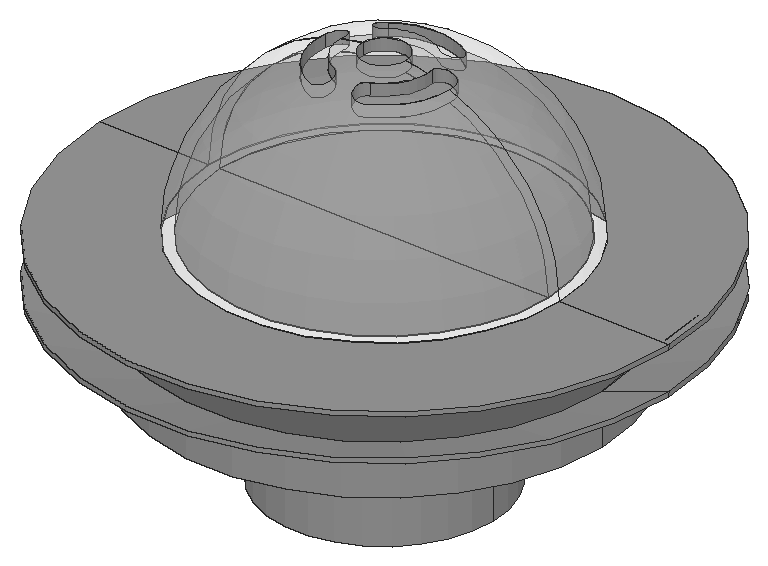
Revit family "Plumbing Fixture_Red Emperor_Rain Water Outlet_Vert-Dome", category Plumbing Fixtures, Revit 2015
Parameters (values of type "260Wx260Dx100H 285205")
  URL = "http://www.red-emperor.com.au/"
  Type Comments = ""
  Radius = Manufacturer_Overall Width / 2  # 130 mm
  Pipe Radius = 50 mm
  Pipe Dia = Pipe Radius * 2  # 100 mm
  Offset Positive [instance] = if(Manufacturer_Height From FFL > 0 mm, Manufacturer_Height From FFL, 0 mm)  # 0 mm
  Offset Negative [instance] = if(Manufacturer_Height From FFL < 0 mm, abs(Manufacturer_Height From FFL), 0 mm)  # 0 mm
  Model = "285205"
  Material_ANZRS = z_Red Emperor_Grey
  Manufacturer_URL__Product Specific = "http://www.red-emperor.com.au/all-products/ductile-iron-multi-purpose-heavy-duty-domed-grate-vertical-rain-water-outlet-with-membrane-clamp-ring-100pvc-hdpe.aspx"
  Manufacturer_Spec Code = Model  # "285205"
  Manufacturer_Overall Width = 260 mm
  Manufacturer_Overall Height = 100 mm
  Manufacturer_Overall Depth = Manufacturer_Overall Width  # 260 mm
  Manufacturer_Height From FFL [instance] = 0 mm
  Manufacturer = "Red Emperor"  # constant formula
  E = 120 mm  # constant formula
  A = 112 mm  # constant formula
  Description = "Ductile Iron Multi-Purpose Heavy Duty Domed Vertical Rain Water Outlet (with Membrane Clamp Ring) 100 PVC/HDPE."
  CreatedBy_ANZRS = "IGS - BIM Solutions"  # constant formula
  CreatedByURL_ANZRS = "http://www.igsgroup.com.au/"
Types (3, lengths in mm): name | Radius | Pipe Radius | Pipe Dia | Offset Negative | Model | Manufacturer_URL__Product Specific | Manufacturer_Spec Code | Manufacturer_Overall Width | Manufacturer_Overall Height | Manufacturer_Overall Depth | Manufacturer_Height From FFL | Description
  (no name) | 130 | 50 | 100 | 0 | "285205" | "http://www.red-emperor.com.au/all-products/ductile-iron-multi-purpose-heavy-duty-domed-grate-vertical-rain-water-outlet-with-membrane-clamp-ring-100pvc-hdpe.aspx" | "285205" | 260 | 100 | 260 | 0 | "Ductile Iron Multi-Purpose Heavy Duty Domed Vertical Rain Water Outlet (with Membrane Clamp Ring) 100 PVC/HDPE."
  260Wx260Dx100H 285205 | 130 | 50 | 100 | 0 | "285205" | "http://www.red-emperor.com.au/all-products/ductile-iron-multi-purpose-heavy-duty-domed-grate-vertical-rain-water-outlet-with-membrane-clamp-ring-100pvc-hdpe.aspx" | "285205" | 260 | 100 | 260 | 0 | "Ductile Iron Multi-Purpose Heavy Duty Domed Vertical Rain Water Outlet (with Membrane Clamp Ring) 100 PVC/HDPE."
  270Wx270Dx98H 285219 | 135 | 75 | 150 | 300 | "285219" | "http://www.red-emperor.com.au/all-products/ductile-iron-multi-purpose-heavy-duty-domed-vertical-rain-water-outlet-with-membrane-and-clamp-ring-150mm-pvc-hdpe.aspx" | "285219" | 270 | 98 | 270 | -300 | "Ductile Iron Multi-Purpose Heavy Duty Domed Vertical Rain Water Outlet (with Membrane Clamp Ring) 150 PVC/HDPE."
Reference planes
  plane 1 "Bottom": z = -100
  plane 2 "Center (Left/Right)": x = 0
  plane 3 "Offset Positive": z = 0
  plane 4 "Right": x = 130
  plane 5 "Left": x = -130
  plane 6 "Back": y = 150.962
  plane 7 "Front": y = -109.038
  plane 8 "Center (Front/Back)": y = 20.962
  plane 9 "Mounting Height": z = 0
  plane 10 "Outlet Left": x = -50
  plane 11 "Outlet Right": x = 50
  plane 12 "Outlet Back": y = 70.962
  plane 13 "Outlet Front": y = -29.038
  plane 14 "Top": z = 75
Forms (mm)
  Revolve 1, solid, material "z_Red Emperor_Grey" <- "Material_ANZRS"
    sketch origin (-636.066, 20.962, 1200) x (-1, 0, 0) y (0, 0, 1)
      loop
        line (-506.066, -1200) -> (-556.066, -1200)
        spline (-556.066, -1200) -> (-556.646, -1190.988) -> (-558.377, -1182.106) -> (-561.233, -1173.483) -> (-565.174, -1165.245) -> (-570.142, -1157.511) -> (-576.066, -1150.392) -> (-582.859, -1143.992) -> (-590.424, -1138.404) -> (-598.65, -1133.709) -> (-607.418, -1129.974) -> (-616.601, -1127.254) -> (-626.066, -1125.588)
        line (-626.066, -1125.588) -> (-626.066, -1130.625)
        spline (-626.066, -1130.625) -> (-617.258, -1132.237) -> (-608.718, -1134.82) -> (-600.571, -1138.336) -> (-592.932, -1142.735) -> (-585.911, -1147.955) -> (-579.608, -1153.92) -> (-574.114, -1160.546) -> (-569.508, -1167.736) -> (-565.855, -1175.389) -> (-563.207, -1183.394) -> (-561.603, -1191.637) -> (-561.066, -1200)
        line (-561.066, -1200) -> (-636.066, -1200) -> (-636.066, -1300) -> (-586.066, -1300) -> (-586.066, -1252) -> (-536.066, -1252) -> (-536.066, -1231.071) -> (-506.066, -1221.032) -> (-506.066, -1218.962) -> (-536.066, -1229) -> (-511.066, -1202) -> (-506.066, -1202) -> (-506.066, -1200)
      axis (-636.066, -1125.588) -> (-636.066, -1300)
    angle from 0 to 360
  Extrusion 2, void
    sketch origin (0, 0, 0) x (-1, 0, 0) y (0, -1, 0)
      loop
        arc (11.982, 6.541) -> (5.401, 3.954) -> (7.988, -2.627) r 5
        arc (7.988, -2.627) -> (17.321, -10.962) -> (19.873, -23.212) r 20
        arc (19.873, -23.212) -> (24.279, -28.743) -> (29.81, -24.337) r 5
        arc (29.81, -24.337) -> (25.981, -5.962) -> (11.982, 6.541) r 30
      loop
        arc (-7.988, -2.627) -> (-5.401, 3.954) -> (-11.982, 6.541) r 5
        arc (-11.982, 6.541) -> (-25.981, -5.962) -> (-29.81, -24.337) r 30
        arc (-29.81, -24.337) -> (-24.279, -28.743) -> (-19.873, -23.212) r 5
        arc (-19.873, -23.212) -> (-17.321, -10.962) -> (-7.988, -2.627) r 20
      loop
        arc (-17.827, -45.091) -> (0, -50.962) -> (17.827, -45.091) r 30
        arc (17.827, -45.091) -> (18.877, -38.098) -> (11.885, -37.048) r 5
        arc (11.885, -37.048) -> (0, -40.962) -> (-11.885, -37.048) r 20
        arc (-11.885, -37.048) -> (-18.877, -38.098) -> (-17.827, -45.091) r 5
    from 0 to 100
Cuts and joins
  Extrusion 2 cuts Revolve 1
Lines and regions (mm)
  Masking region 1
    outline origin (0, 0, 0) x (-1, 0, 0) y (0, -1, 0)
      loop
        circle (0, -20.962) r 130
  Masking region 2
    outline origin (0, 0, 0) x (1, 0, 0) y (0, 0, 1)
      loop
        line (-50, -100) -> (50, -100) -> (50, -52) -> (100, -52) -> (100, -31.071) -> (130, -21.032) -> (130, -18.962) -> (107.928, -18.962) -> (125, -2) -> (130, -2) -> (130, 0) -> (-130, 0) -> (-130, -2) -> (-125, -2) -> (-107.969, -18.962) -> (-130, -18.962) -> (-130, -21.032) -> (-100, -31.071) -> (-100, -52) -> (-50, -52) -> (-50, -100)
  Masking region 3
    outline origin (0, 0, 0) x (0, 1, 0) y (0, 0, 1)
      loop
        line (-29.038, -100) -> (70.962, -100) -> (70.962, -52) -> (120.962, -52) -> (120.962, -31.071) -> (150.962, -21.032) -> (150.962, -18.962) -> (128.031, -18.962) -> (145.962, -2) -> (150.962, -2) -> (150.962, 0) -> (-109.038, 0) -> (-109.038, -2) -> (-104.038, -2) -> (-86.207, -18.962) -> (-109.038, -18.962) -> (-109.038, -21.032) -> (-79.038, -31.071) -> (-79.038, -52) -> (-29.038, -52) -> (-29.038, -100)
  symbolic lines, style "Drain", detail levels fine
    curve 1: line (-125, 0, -2) -> (125, 0, -2)
    curve 2: line (107.928, 0, -18.962) -> (-107.969, 0, -18.962)
    curve 3: line (-100, 0, -31.071) -> (100, 0, -31.071)
    curve 4: line (-50, 0, -52) -> (50, 0, -52)
    curve 5: line (0, 128.031, -18.962) -> (0, -86.207, -18.962)
    curve 6: line (0, 120.962, -31.071) -> (0, -79.038, -31.071)
    curve 7: line (0, 70.962, -52) -> (0, -29.038, -52)
    curve 8: line (0, 145.962, -2) -> (0, -104.038, -2)
Text (mm)
  text "> Contact Red Emperor to confirm feasibility of design variations outside the scope of this Revit Family\n\n\n\nDisclaimer:\n\nDue to ongoing product development and manufacturing evolution, product details are subject to change without notice.\n\nPlease refer to product technical data sheets on www.red-emperor.com.au for the most current product information.\n\nPlease allow a +/- 5mm tolerance for dimensions and set-outs shown in product literature.\n\n© Copyright 2016 Red Emperor Pty Ltd" at (1155.855, 443.006, 0), in view "Ref. Level"
Dimensions and locks
  "Manufacturer_Overall Width": plane 5 "Left" to plane 4 "Right"
  "Manufacturer_Overall Depth": plane 6 "Back" to plane 7 "Front"
  equal spacing: plane 5 "Left", plane 2 "Center (Left/Right)", plane 4 "Right"
  equal spacing: plane 6 "Back", plane 8 "Center (Front/Back)", plane 7 "Front"
  "Offset Positive": plane 3 "Offset Positive" to level
  "Offset Negative": plane 3 "Offset Positive" to plane 9 "Mounting Height"
  "Manufacturer_Overall Height": plane 9 "Mounting Height" to plane 1 "Bottom"
  "Pipe Radius": plane 2 "Center (Left/Right)" to plane 10 "Outlet Left"
  "Pipe Radius": plane 11 "Outlet Right" to plane 2 "Center (Left/Right)"
  "Pipe Radius": plane 12 "Outlet Back" to plane 8 "Center (Front/Back)"
  "Pipe Radius": plane 8 "Center (Front/Back)" to plane 13 "Outlet Front"
  locked: plane 14 "Top" to plane 9 "Mounting Height" at 75
  locked: Revolve 1 sketch curve to Revolve 1 sketch curve at 75
  locked: Revolve 1 sketch curve to Revolve 1 sketch curve at 80
  plane 10 "Outlet Left" to plane 2 "Center (Left/Right)" = 50 mm
  plane 2 "Center (Left/Right)" to plane 11 "Outlet Right" = 50 mm
  "Radius": radius of Masking region 1 sketch curve
  aligned and locked: Revolve 1 sketch curve to plane 5 "Left"
  aligned and locked: Revolve 1 sketch curve to plane 9 "Mounting Height"
  aligned and locked: Revolve 1 sketch curve to plane 1 "Bottom"
  aligned and locked: Revolve 1 sketch curve to plane 10 "Outlet Left"
  aligned and locked: Revolve 1 sketch curve to plane 2 "Center (Left/Right)"  (x2)
  aligned and locked: cut or joined group of Revolve 1, Extrusion 2 to Masking region 2 sketch curve  (x3)
  aligned and locked: Masking region 2 sketch curve to cut or joined group of Revolve 1, Extrusion 2  (x14)
  aligned and locked: plane 10 "Outlet Left" to Masking region 2 sketch curve
  aligned and locked: plane 11 "Outlet Right" to Masking region 2 sketch curve
  aligned and locked: curve 1 to cut or joined group of Revolve 1, Extrusion 2
  aligned and locked: Masking region 2 to curve 2
  aligned and locked: curve 3 to Masking region 2
  aligned and locked: curve 4 to Masking region 2
  aligned and locked: Masking region 2 to curve 4
  aligned and locked: Masking region 3 sketch curve to cut or joined group of Revolve 1, Extrusion 2  (x2)
  aligned and locked: cut or joined group of Revolve 1, Extrusion 2 to Masking region 3 sketch curve  (x6)
  aligned and locked: plane 12 "Outlet Back" to Masking region 3 sketch curve
  aligned and locked: plane 13 "Outlet Front" to Masking region 3 sketch curve
  aligned and locked: Masking region 3 to curve 5
  aligned and locked: curve 6 to cut or joined group of Revolve 1, Extrusion 2
  aligned and locked: cut or joined group of Revolve 1, Extrusion 2 to curve 7
  aligned and locked: cut or joined group of Revolve 1, Extrusion 2 to curve 8
  aligned and locked: plane 2 "Center (Left/Right)" to nested 1
  aligned and locked: nested 1 to plane 8 "Center (Front/Back)"
Automatic sketch dimensions
  Revolve 1 sketch curve to plane 9 "Mounting Height" = 0 mm
  Revolve 1 sketch curve to plane 2 "Center (Left/Right)" = 0 mm  (x2)
  Revolve 1 sketch curve to plane 5 "Left" = 0 mm
  Revolve 1 sketch curve to plane 2 "Center (Left/Right)" = 10 mm
  plane 5 "Left" to Revolve 1 sketch curve = 30 mm
  Revolve 1 sketch curve to Revolve 1 sketch curve = 0 mm
  Revolve 1 sketch curve to plane 9 "Mounting Height" = 2 mm
  plane 5 "Left" to Revolve 1 sketch curve = 5 mm
  plane 1 "Bottom" to Revolve 1 sketch curve = 48 mm
  Revolve 1 sketch curve to Revolve 1 sketch curve = 20.929 mm
  Revolve 1 sketch curve to Revolve 1 sketch curve = 2.071 mm  (x2)
  Revolve 1 sketch curve to Revolve 1 sketch curve = 19.032 mm
  Revolve 1 sketch curve to plane 14 "Top" = 5.625 mm
  Revolve 1 sketch curve to plane 14 "Top" = 0.588 mm
  plane 14 "Top" to Revolve 1 sketch curve = 7.414 mm
  level to Revolve 1 sketch curve = 1997.414 mm
  Masking region 1 sketch curve to plane 2 "Center (Left/Right)" = 0 mm
  Masking region 1 sketch curve to plane 8 "Center (Front/Back)" = 0 mm
  Extrusion 2 sketch curve to Extrusion 2 sketch curve = 0 mm  (x50)
  Extrusion 2 sketch curve to Extrusion 2 sketch curve = 9.985 mm  (x2)
  Extrusion 2 sketch curve to Extrusion 2 sketch curve = 17.295 mm  (x2)
  Extrusion 2 sketch curve to Extrusion 2 sketch curve = 1.997 mm  (x2)
  Extrusion 2 sketch curve to Extrusion 2 sketch curve = 2.971 mm
  Extrusion 2 sketch curve to Extrusion 2 sketch curve = 14.856 mm  (x2)
  Extrusion 2 sketch curve to Extrusion 2 sketch curve = 17.974 mm
  Extrusion 2 sketch curve to Extrusion 2 sketch curve = 22.919 mm
  Extrusion 2 sketch curve to Extrusion 2 sketch curve = 4.584 mm
  plane 5 "Left" to Masking region 2 sketch curve = 0 mm
  plane 5 "Left" to Masking region 2 sketch curve = 5 mm
  Masking region 2 sketch curve to Masking region 2 sketch curve = 7.969 mm
  Masking region 2 sketch curve to Masking region 2 sketch curve = 7.928 mm
  Masking region 2 sketch curve to Masking region 2 sketch curve = 2.071 mm
  plane 11 "Outlet Right" to curve 4 = 0 mm
  plane 5 "Left" to curve 3 = 30 mm
  curve 2 to curve 3 = 7.969 mm
  plane 5 "Left" to curve 1 = 5 mm
  plane 4 "Right" to curve 3 = 30 mm
  curve 3 to curve 2 = 7.928 mm
  plane 4 "Right" to curve 1 = 5 mm
  Masking region 3 sketch curve to plane 7 "Front" = 0 mm  (x2)
  Masking region 3 sketch curve to plane 6 "Back" = 0 mm  (x2)
  Masking region 3 sketch curve to plane 9 "Mounting Height" = 0 mm
  Masking region 3 sketch curve to plane 9 "Mounting Height" = 2 mm  (x2)
  plane 7 "Front" to Masking region 3 sketch curve = 5 mm
  plane 7 "Front" to Masking region 3 sketch curve = 22.83 mm
  plane 7 "Front" to Masking region 3 sketch curve = 30 mm
  plane 6 "Back" to Masking region 3 sketch curve = 30 mm
  Masking region 3 sketch curve to Masking region 3 sketch curve = 7.069 mm
  plane 6 "Back" to Masking region 3 sketch curve = 5 mm
  Masking region 3 sketch curve to Masking region 3 sketch curve = 19.032 mm
  curve 7 to plane 13 "Outlet Front" = 0 mm
  curve 7 to plane 12 "Outlet Back" = 0 mm
  plane 7 "Front" to curve 6 = 30 mm
  curve 5 to curve 6 = 7.17 mm
  plane 7 "Front" to curve 8 = 5 mm
  plane 6 "Back" to curve 6 = 30 mm
  curve 6 to curve 5 = 7.069 mm
  plane 6 "Back" to curve 8 = 5 mm
  Extrusion 2 sketch curve to Extrusion 2 sketch curve = 11.885 mm
  Extrusion 2 sketch curve to Extrusion 2 sketch curve = 2.812 mm
  Extrusion 2 sketch curve to plane 2 "Center (Left/Right)" = 0 mm
  Extrusion 2 sketch curve to plane 8 "Center (Front/Back)" = 0 mm
Nested families
  nested 1: "z_Plumbing Fixture_Red Emperor_Rain Water Outlet_Vert-Dome_Plan" at (0, 20.962, 0), type "z_Plumbing Fixture_Red Emperor_Rain Water Outlet_Vert-Dome_Plan"
Connectors
  piping at (0, 20.962, -100), diameter 100, driven by "Pipe Dia"
    settings: on cut or joined group of Revolve 1, Extrusion 2, index 1, connector inside diameter 609.6 mm, connector length 0 mm, flow factor 0, pipe flow 0.0 L/s, pressure drop 0.0 Pa, fitting loss kfactor 0, connector angle 0.00°, fixture units 0, engagement length 0 mm, angle of deflection 0.00°, flow configuration 0, flow direction 2, fitting loss method 0, system type 16, joint type 0, gender type 0, connector reference index -1, connector utility 0, adjustable connector no, is connector primary yes, connector description ""
Definition of nested family "z_Plumbing Fixture_Red Emperor_Rain Water Outlet_Vert-Dome_Plan"
  Parameters (values of type "z_Plumbing Fixture_Red Emperor_Rain Water Outlet_Vert-Dome_Plan")
    Manufacturer = "Red Emperor"
    Default Elevation = 0 mm
  Reference planes
    plane 1 "Center (Front/Back)": y = 0
    plane 2: z = 0
    plane 3 "Center (Left/Right)": x = 0
  Lines and regions (mm)
    Masking region 1
      outline origin (0, 0, 0) x (0, 1, 0) y (0, 0, 1)
        loop
          line (-80, 0) -> (80, 0)
          spline (80, 0) -> (77.274, 19.411) -> (69.282, 37.5) -> (56.569, 53.033) -> (40, 64.952) -> (20.706, 72.444) -> (0, 75) -> (-20.706, 72.444) -> (-40, 64.952) -> (-56.569, 53.033) -> (-69.282, 37.5) -> (-77.274, 19.411) -> (-80, 0)
    Masking region 2
      outline origin (0, 0, 0) x (1, 0, 0) y (0, 0, 1)
        loop
          line (-80, 0) -> (80, 0)
          spline (80, 0) -> (77.274, 19.411) -> (69.282, 37.5) -> (56.569, 53.033) -> (40, 64.952) -> (20.706, 72.444) -> (0, 75) -> (-20.706, 72.444) -> (-40, 64.952) -> (-56.569, 53.033) -> (-69.282, 37.5) -> (-77.274, 19.411) -> (-80, 0)
    symbolic lines, detail levels fine
      curve 1: line (21.919, 60.57, 0) -> (24.641, 76.11, 0)
      curve 2: arc (27.33, 58.329, 0) -> (23.726, 57.281, 0) -> (21.919, 60.57, 0) r 3
      curve 3: line (36.394, 71.242, 0) -> (27.33, 58.329, 0)
      curve 4: arc (24.641, 76.11, 0) -> (30.615, 73.91, 0) -> (36.394, 71.242, 0) r 80
      curve 5: arc (43.091, 67.403, 0) -> (44.446, 66.518, 0) -> (45.782, 65.605, 0) r 80
      curve 6: line (21.204, 38.553, 0) -> (43.091, 67.403, 0)
      curve 7: arc (12.267, 42.254, 0) -> (15.307, 36.955, 0) -> (21.204, 38.553, 0) r 5
      curve 8: line (17.191, 78.131, 0) -> (12.267, 42.254, 0)
      curve 9: arc (-17.191, 78.131, 0) -> (0, 80, 0) -> (17.191, 78.131, 0) r 80
      curve 10: line (-12.267, 42.254, 0) -> (-17.191, 78.131, 0)
      curve 11: arc (-21.204, 38.553, 0) -> (-15.307, 36.955, 0) -> (-12.267, 42.254, 0) r 5
      curve 12: line (-43.091, 67.403, 0) -> (-21.204, 38.553, 0)
      curve 13: arc (-21.919, 60.57, 0) -> (-23.726, 57.281, 0) -> (-27.33, 58.329, 0) r 3
      curve 14: line (-24.641, 76.11, 0) -> (-21.919, 60.57, 0)
      curve 15: line (-27.33, 58.329, 0) -> (-36.394, 71.242, 0)
      curve 16: arc (-36.394, 71.242, 0) -> (-30.615, 73.91, 0) -> (-24.641, 76.11, 0) r 80
      curve 17: arc (17.827, 24.129, 0) -> (0, 30, 0) -> (-17.827, 24.129, 0) r 30
      curve 18: arc (-17.827, 24.129, 0) -> (-18.877, 17.136, 0) -> (-11.885, 16.086, 0) r 5
      curve 19: arc (-11.885, 16.086, 0) -> (0, 20, 0) -> (11.885, 16.086, 0) r 20
      curve 20: arc (11.885, 16.086, 0) -> (18.877, 17.136, 0) -> (17.827, 24.129, 0) r 5
      curve 21: arc (10, 0, 0) -> (0, 10, 0) -> (-10, 0, 0) r 10
      curve 22: arc (-10, 0, 0) -> (0, -10, 0) -> (10, 0, 0) r 10
      curve 23: arc (29.81, 3.374, 0) -> (24.279, 7.78, 0) -> (19.873, 2.25, 0) r 5
      curve 24: arc (19.873, 2.25, 0) -> (17.321, -10, 0) -> (7.988, -18.335, 0) r 20
      curve 25: arc (7.988, -18.335, 0) -> (5.401, -24.916, 0) -> (11.982, -27.503, 0) r 5
      curve 26: arc (11.982, -27.503, 0) -> (25.981, -15, 0) -> (29.81, 3.374, 0) r 30
      curve 27: arc (-11.982, -27.503, 0) -> (-5.401, -24.916, 0) -> (-7.988, -18.335, 0) r 5
      curve 28: arc (-29.81, 3.374, 0) -> (-25.981, -15, 0) -> (-11.982, -27.503, 0) r 30
      curve 29: arc (-7.988, -18.335, 0) -> (-17.321, -10, 0) -> (-19.873, 2.25, 0) r 20
      curve 30: arc (-19.873, 2.25, 0) -> (-24.279, 7.78, 0) -> (-29.81, 3.374, 0) r 5
      curve 31: line (34.344, 27.503, 0) -> (65.605, 45.782, 0)
      curve 32: arc (27.503, 34.344, 0) -> (28.284, 28.284, 0) -> (34.344, 27.503, 0) r 5
      curve 33: line (45.782, 65.605, 0) -> (27.503, 34.344, 0)
      curve 34: arc (38.553, 21.204, 0) -> (36.955, 15.307, 0) -> (42.254, 12.267, 0) r 5
      curve 35: line (67.403, 43.091, 0) -> (38.553, 21.204, 0)
      curve 36: line (42.254, 12.267, 0) -> (78.131, 17.191, 0)
      curve 37: line (60.887, 51.892, 0) -> (47.571, 43.43, 0)
      curve 38: arc (47.571, 43.43, 0) -> (43.841, 43.841, 0) -> (43.43, 47.571, 0) r 3
      curve 39: line (43.43, 47.571, 0) -> (51.892, 60.887, 0)
      curve 40: line (58.329, 27.33, 0) -> (71.242, 36.394, 0)
      curve 41: arc (60.57, 21.919, 0) -> (57.281, 23.726, 0) -> (58.329, 27.33, 0) r 3
      curve 42: line (76.11, 24.641, 0) -> (60.57, 21.919, 0)
      curve 43: arc (71.242, 36.394, 0) -> (73.91, 30.615, 0) -> (76.11, 24.641, 0) r 80
      curve 44: arc (65.605, 45.782, 0) -> (66.518, 44.446, 0) -> (67.403, 43.091, 0) r 80
      curve 45: arc (51.892, 60.887, 0) -> (56.569, 56.569, 0) -> (60.887, 51.892, 0) r 80
      curve 46: arc (78.131, 17.191, 0) -> (80, 0, 0) -> (78.131, -17.191, 0) r 80
      curve 47: line (-27.503, 34.344, 0) -> (-45.782, 65.605, 0)
      curve 48: arc (-34.344, 27.503, 0) -> (-28.284, 28.284, 0) -> (-27.503, 34.344, 0) r 5
      curve 49: line (-65.605, 45.782, 0) -> (-34.344, 27.503, 0)
      curve 50: arc (-43.43, 47.571, 0) -> (-43.841, 43.841, 0) -> (-47.571, 43.43, 0) r 3
      curve 51: line (-47.571, 43.43, 0) -> (-60.887, 51.892, 0)
      curve 52: line (-51.892, 60.887, 0) -> (-43.43, 47.571, 0)
      curve 53: arc (-60.887, 51.892, 0) -> (-56.569, 56.569, 0) -> (-51.892, 60.887, 0) r 80
      curve 54: arc (-45.782, 65.605, 0) -> (-44.446, 66.518, 0) -> (-43.091, 67.403, 0) r 80
      curve 55: line (-38.553, 21.204, 0) -> (-67.403, 43.091, 0)
      curve 56: arc (-42.254, 12.267, 0) -> (-36.955, 15.307, 0) -> (-38.553, 21.204, 0) r 5
      curve 57: line (-78.131, 17.191, 0) -> (-42.254, 12.267, 0)
      curve 58: arc (-58.329, 27.33, 0) -> (-57.281, 23.726, 0) -> (-60.57, 21.919, 0) r 3
      curve 59: line (-71.242, 36.394, 0) -> (-58.329, 27.33, 0)
      curve 60: arc (-76.11, 24.641, 0) -> (-73.91, 30.615, 0) -> (-71.242, 36.394, 0) r 80
      curve 61: line (-60.57, 21.919, 0) -> (-76.11, 24.641, 0)
      curve 62: line (21.919, -60.57, 0) -> (24.641, -76.11, 0)
      curve 63: arc (27.33, -58.329, 0) -> (23.726, -57.281, 0) -> (21.919, -60.57, 0) r 3
      curve 64: line (36.394, -71.242, 0) -> (27.33, -58.329, 0)
      curve 65: arc (24.641, -76.11, 0) -> (30.615, -73.91, 0) -> (36.394, -71.242, 0) r 80
      curve 66: arc (43.091, -67.403, 0) -> (44.446, -66.518, 0) -> (45.782, -65.605, 0) r 80
      curve 67: line (21.204, -38.553, 0) -> (43.091, -67.403, 0)
      curve 68: arc (12.267, -42.254, 0) -> (15.307, -36.955, 0) -> (21.204, -38.553, 0) r 5
      curve 69: line (17.191, -78.131, 0) -> (12.267, -42.254, 0)
      curve 70: arc (-17.191, -78.131, 0) -> (0, -80, 0) -> (17.191, -78.131, 0) r 80
      curve 71: line (-12.267, -42.254, 0) -> (-17.191, -78.131, 0)
      curve 72: arc (-21.204, -38.553, 0) -> (-15.307, -36.955, 0) -> (-12.267, -42.254, 0) r 5
      curve 73: line (-43.091, -67.403, 0) -> (-21.204, -38.553, 0)
      curve 74: arc (-21.919, -60.57, 0) -> (-23.726, -57.281, 0) -> (-27.33, -58.329, 0) r 3
      curve 75: line (-24.641, -76.11, 0) -> (-21.919, -60.57, 0)
      curve 76: line (-27.33, -58.329, 0) -> (-36.394, -71.242, 0)
      curve 77: arc (-36.394, -71.242, 0) -> (-30.615, -73.91, 0) -> (-24.641, -76.11, 0) r 80
      curve 78: line (34.344, -27.503, 0) -> (65.605, -45.782, 0)
      curve 79: arc (27.503, -34.344, 0) -> (28.284, -28.284, 0) -> (34.344, -27.503, 0) r 5
      curve 80: line (45.782, -65.605, 0) -> (27.503, -34.344, 0)
      curve 81: arc (38.553, -21.204, 0) -> (36.955, -15.307, 0) -> (42.254, -12.267, 0) r 5
      curve 82: line (67.403, -43.091, 0) -> (38.553, -21.204, 0)
      curve 83: line (42.254, -12.267, 0) -> (78.131, -17.191, 0)
      curve 84: line (60.887, -51.892, 0) -> (47.571, -43.43, 0)
      curve 85: arc (47.571, -43.43, 0) -> (43.841, -43.841, 0) -> (43.43, -47.571, 0) r 3
      curve 86: line (43.43, -47.571, 0) -> (51.892, -60.887, 0)
      curve 87: line (58.329, -27.33, 0) -> (71.242, -36.394, 0)
      curve 88: arc (60.57, -21.919, 0) -> (57.281, -23.726, 0) -> (58.329, -27.33, 0) r 3
      curve 89: line (76.11, -24.641, 0) -> (60.57, -21.919, 0)
      curve 90: arc (71.242, -36.394, 0) -> (73.91, -30.615, 0) -> (76.11, -24.641, 0) r 80
      curve 91: arc (65.605, -45.782, 0) -> (66.518, -44.446, 0) -> (67.403, -43.091, 0) r 80
      curve 92: arc (51.892, -60.887, 0) -> (56.569, -56.569, 0) -> (60.887, -51.892, 0) r 80
      curve 93: line (-27.503, -34.344, 0) -> (-45.782, -65.605, 0)
      curve 94: arc (-34.344, -27.503, 0) -> (-28.284, -28.284, 0) -> (-27.503, -34.344, 0) r 5
      curve 95: line (-65.605, -45.782, 0) -> (-34.344, -27.503, 0)
      curve 96: arc (-43.43, -47.571, 0) -> (-43.841, -43.841, 0) -> (-47.571, -43.43, 0) r 3
      curve 97: line (-47.571, -43.43, 0) -> (-60.887, -51.892, 0)
      curve 98: line (-51.892, -60.887, 0) -> (-43.43, -47.571, 0)
      curve 99: arc (-60.887, -51.892, 0) -> (-56.569, -56.569, 0) -> (-51.892, -60.887, 0) r 80
      curve 100: arc (-45.782, -65.605, 0) -> (-44.446, -66.518, 0) -> (-43.091, -67.403, 0) r 80
      curve 101: line (-38.553, -21.204, 0) -> (-67.403, -43.091, 0)
      curve 102: arc (-42.254, -12.267, 0) -> (-36.955, -15.307, 0) -> (-38.553, -21.204, 0) r 5
      curve 103: line (-78.131, -17.191, 0) -> (-42.254, -12.267, 0)
      curve 104: arc (-58.329, -27.33, 0) -> (-57.281, -23.726, 0) -> (-60.57, -21.919, 0) r 3
      curve 105: line (-71.242, -36.394, 0) -> (-58.329, -27.33, 0)
      curve 106: arc (-76.11, -24.641, 0) -> (-73.91, -30.615, 0) -> (-71.242, -36.394, 0) r 80
      curve 107: line (-60.57, -21.919, 0) -> (-76.11, -24.641, 0)
      curve 108: arc (-78.131, 17.191, 0) -> (-80, 0, 0) -> (-78.131, -17.191, 0) r 80
      curve 109: arc (-65.605, -45.782, 0) -> (-66.518, -44.446, 0) -> (-67.403, -43.091, 0) r 80
      curve 110: arc (-67.403, 43.091, 0) -> (-66.518, 44.446, 0) -> (-65.605, 45.782, 0) r 80
      curve 111: spline (0, 12.208, 62.912) -> (0, 12.937, 59.499) -> (0, 13.623, 55.638) -> (0, 14.261, 51.357) -> (0, 14.847, 46.688) -> (0, 15.376, 41.665) -> (0, 15.844, 36.327) -> (0, 16.248, 30.712) -> (0, 16.585, 24.863) -> (0, 16.852, 18.822) -> (0, 17.048, 12.634) -> (0, 17.17, 6.346) -> (0, 17.218, 0.004)
      curve 112: spline (0, 21.137, 62.642) -> (0, 20.552, 63.243) -> (0, 19.764, 63.795) -> (0, 18.815, 64.269) -> (0, 17.759, 64.638) -> (0, 16.653, 64.881) -> (0, 15.56, 64.986) -> (0, 14.54, 64.945) -> (0, 13.65, 64.762) -> (0, 12.938, 64.447) -> (0, 12.444, 64.017) -> (0, 12.196, 63.495) -> (0, 12.208, 62.912)
      curve 113: spline (0, 43.12, 0) -> (0, 42.909, 6.298) -> (0, 42.374, 12.544) -> (0, 41.518, 18.691) -> (0, 40.347, 24.694) -> (0, 38.871, 30.51) -> (0, 37.099, 36.096) -> (0, 35.045, 41.411) -> (0, 32.724, 46.415) -> (0, 30.154, 51.074) -> (0, 27.351, 55.351) -> (0, 24.338, 59.217) -> (0, 21.137, 62.642)
      curve 114: line (0, 21.918, 44.477) -> (0, 27.324, 44.477)
      curve 115: spline (0, 27.324, 44.477) -> (0, 28.719, 41.288) -> (0, 30.008, 37.967) -> (0, 31.188, 34.525) -> (0, 32.256, 30.973) -> (0, 33.206, 27.322) -> (0, 34.038, 23.584) -> (0, 34.747, 19.77) -> (0, 35.332, 15.893) -> (0, 35.791, 11.965) -> (0, 36.122, 7.999) -> (0, 36.325, 4.006) -> (0, 36.399, -0.001)
      curve 116: spline (0, 24.643, -0.001) -> (0, 24.621, 4.006) -> (0, 24.56, 7.999) -> (0, 24.46, 11.965) -> (0, 24.322, 15.893) -> (0, 24.147, 19.77) -> (0, 23.934, 23.584) -> (0, 23.684, 27.322) -> (0, 23.398, 30.973) -> (0, 23.078, 34.525) -> (0, 22.724, 37.967) -> (0, 22.336, 41.288) -> (0, 21.918, 44.477)
      curve 117: line (0, 47.562, 44.477) -> (0, 43.424, 44.477)
      curve 118: spline (0, 47.562, 44.477) -> (0, 49.611, 41.288) -> (0, 51.505, 37.967) -> (0, 53.239, 34.525) -> (0, 54.807, 30.973) -> (0, 56.204, 27.322) -> (0, 57.425, 23.584) -> (0, 58.467, 19.77) -> (0, 59.327, 15.893) -> (0, 60.001, 11.965) -> (0, 60.488, 7.999) -> (0, 60.786, 4.006) -> (0, 60.894, -0.001)
      curve 119: spline (0, 51.896, -0.001) -> (0, 51.827, 4.006) -> (0, 51.638, 7.999) -> (0, 51.329, 11.965) -> (0, 50.9, 15.893) -> (0, 50.354, 19.77) -> (0, 49.692, 23.584) -> (0, 48.916, 27.322) -> (0, 48.028, 30.973) -> (0, 47.032, 34.525) -> (0, 45.93, 37.967) -> (0, 44.726, 41.288) -> (0, 43.424, 44.477)
      curve 120: spline (0, 34.416, 62.527) -> (0, 33.588, 63.152) -> (0, 32.619, 63.731) -> (0, 31.565, 64.229) -> (0, 30.49, 64.618) -> (0, 29.456, 64.874) -> (0, 28.523, 64.983) -> (0, 27.748, 64.938) -> (0, 27.174, 64.741) -> (0, 26.837, 64.405) -> (0, 26.755, 63.949) -> (0, 26.934, 63.399) -> (0, 27.363, 62.789)
      curve 121: spline (0, 27.363, 62.789) -> (0, 30.052, 59.369) -> (0, 32.582, 55.505) -> (0, 34.936, 51.225) -> (0, 37.096, 46.561) -> (0, 39.046, 41.547) -> (0, 40.772, 36.221) -> (0, 42.26, 30.621) -> (0, 43.501, 24.788) -> (0, 44.485, 18.767) -> (0, 45.205, 12.6) -> (0, 45.655, 6.334) -> (0, 45.832, 0.014)
      curve 122: spline (0, 65.646, 0) -> (0, 65.347, 6.28) -> (0, 64.586, 12.507) -> (0, 63.371, 18.636) -> (0, 61.708, 24.624) -> (0, 59.611, 30.425) -> (0, 57.095, 35.998) -> (0, 54.178, 41.302) -> (0, 50.881, 46.3) -> (0, 47.229, 50.953) -> (0, 43.248, 55.229) -> (0, 38.966, 59.096) -> (0, 34.416, 62.527)
      curve 123: spline (0, 38.562, 62.606) -> (0, 42.771, 59.177) -> (0, 46.732, 55.31) -> (0, 50.416, 51.032) -> (0, 53.796, 46.376) -> (0, 56.846, 41.374) -> (0, 59.545, 36.064) -> (0, 61.874, 30.484) -> (0, 63.814, 24.675) -> (0, 65.353, 18.68) -> (0, 66.478, 12.541) -> (0, 67.182, 6.304) -> (0, 67.459, 0.015)
      curve 124: spline (0, 42.715, 62.3) -> (0, 41.723, 62.965) -> (0, 40.669, 63.591) -> (0, 39.621, 64.137) -> (0, 38.647, 64.567) -> (0, 37.811, 64.853) -> (0, 37.167, 64.977) -> (0, 36.758, 64.93) -> (0, 36.61, 64.716) -> (0, 36.733, 64.349) -> (0, 37.118, 63.852) -> (0, 37.742, 63.258) -> (0, 38.562, 62.606)
      curve 125: spline (0, 78.179, 0) -> (0, 77.838, 6.243) -> (0, 76.975, 12.434) -> (0, 75.596, 18.53) -> (0, 73.709, 24.485) -> (0, 71.33, 30.258) -> (0, 68.475, 35.806) -> (0, 65.164, 41.09) -> (0, 61.421, 46.072) -> (0, 57.274, 50.716) -> (0, 52.751, 54.989) -> (0, 47.887, 58.859) -> (0, 42.715, 62.3)
      curve 126: line (0, 58.32, 44.477) -> (0, 60.559, 44.477)
      curve 127: spline (0, 60.559, 44.477) -> (0, 62.951, 41.288) -> (0, 65.162, 37.967) -> (0, 67.185, 34.525) -> (0, 69.015, 30.973) -> (0, 70.645, 27.322) -> (0, 72.07, 23.584) -> (0, 73.286, 19.77) -> (0, 74.29, 15.893) -> (0, 75.076, 11.965) -> (0, 75.645, 7.999) -> (0, 75.992, 4.006) -> (0, 76.118, -0.001)
      curve 128: spline (0, 71.248, -0.001) -> (0, 71.144, 4.006) -> (0, 70.855, 7.999) -> (0, 70.383, 11.965) -> (0, 69.729, 15.893) -> (0, 68.896, 19.77) -> (0, 67.885, 23.584) -> (0, 66.701, 27.322) -> (0, 65.346, 30.973) -> (0, 63.826, 34.525) -> (0, 62.144, 37.967) -> (0, 60.307, 41.288) -> (0, 58.32, 44.477)
      curve 129: spline (0, 16.065, 72.626) -> (0, 15.469, 72.566) -> (0, 15.169, 72.413) -> (0, 15.185, 72.177) -> (0, 15.516, 71.872) -> (0, 16.14, 71.518) -> (0, 17.019, 71.135) -> (0, 18.099, 70.749) -> (0, 19.312, 70.383) -> (0, 20.584, 70.06) -> (0, 21.834, 69.799) -> (0, 22.986, 69.618) -> (0, 23.967, 69.526)
      curve 130: spline (0, 3.732, 69.526) -> (0, 4.936, 69.61) -> (0, 6.001, 69.78) -> (0, 6.864, 70.026) -> (0, 7.473, 70.335) -> (0, 7.793, 70.687) -> (0, 7.804, 71.062) -> (0, 7.505, 71.438) -> (0, 6.916, 71.792) -> (0, 6.069, 72.104) -> (0, 5.016, 72.354) -> (0, 3.819, 72.529) -> (0, 2.548, 72.618)
      curve 131: line (0, 0, 72.618) -> (0, -18.496, 72.618)
      curve 132: line (0, 2.548, 72.618) -> (0, 0, 72.618)
      curve 133: line (0, 0, 69.526) -> (0, 3.732, 69.526)
      curve 134: line (0, -27.618, 69.526) -> (0, 0, 69.526)
      curve 135: spline (0, -18.496, 72.618) -> (0, -19.261, 72.533) -> (0, -20.237, 72.362) -> (0, -21.366, 72.115) -> (0, -22.581, 71.806) -> (0, -23.81, 71.453) -> (0, -24.981, 71.078) -> (0, -26.025, 70.703) -> (0, -26.879, 70.349) -> (0, -27.493, 70.038) -> (0, -27.832, 69.788) -> (0, -27.874, 69.614) -> (0, -27.618, 69.526)
      curve 136: line (0, 16.065, 72.626) -> (0, 20.044, 72.626)
      curve 137: line (0, 30, 69.526) -> (0, 23.967, 69.526)
      curve 138: spline (0, -12.208, 62.913) -> (0, -12.197, 63.499) -> (0, -12.448, 64.023) -> (0, -12.946, 64.454) -> (0, -13.665, 64.769) -> (0, -14.563, 64.95) -> (0, -15.591, 64.987) -> (0, -16.69, 64.878) -> (0, -17.8, 64.629) -> (0, -18.858, 64.254) -> (0, -19.805, 63.774) -> (0, -20.589, 63.215) -> (0, -21.165, 62.61)
      curve 139: spline (0, -21.165, 62.61) -> (0, -24.362, 59.183) -> (0, -27.371, 55.318) -> (0, -30.17, 51.04) -> (0, -32.737, 46.384) -> (0, -35.055, 41.381) -> (0, -37.105, 36.069) -> (0, -38.874, 30.486) -> (0, -40.349, 24.674) -> (0, -41.518, 18.675) -> (0, -42.373, 12.533) -> (0, -42.907, 6.292) -> (0, -43.118, -0.002)
      curve 140: spline (0, -17.218, 0.005) -> (0, -17.17, 6.347) -> (0, -17.048, 12.635) -> (0, -16.853, 18.822) -> (0, -16.586, 24.863) -> (0, -16.249, 30.713) -> (0, -15.845, 36.328) -> (0, -15.376, 41.666) -> (0, -14.847, 46.689) -> (0, -14.261, 51.358) -> (0, -13.623, 55.639) -> (0, -12.937, 59.5) -> (0, -12.208, 62.913)
      curve 141: line (0, -27.324, 44.477) -> (0, -21.918, 44.477)
      curve 142: spline (0, -21.918, 44.477) -> (0, -22.336, 41.288) -> (0, -22.724, 37.967) -> (0, -23.078, 34.525) -> (0, -23.398, 30.973) -> (0, -23.684, 27.322) -> (0, -23.934, 23.584) -> (0, -24.147, 19.77) -> (0, -24.322, 15.893) -> (0, -24.46, 11.965) -> (0, -24.56, 7.999) -> (0, -24.621, 4.006) -> (0, -24.643, -0.001)
      curve 143: spline (0, -36.399, -0.001) -> (0, -36.325, 4.006) -> (0, -36.122, 7.999) -> (0, -35.791, 11.965) -> (0, -35.332, 15.893) -> (0, -34.747, 19.77) -> (0, -34.038, 23.584) -> (0, -33.206, 27.322) -> (0, -32.256, 30.973) -> (0, -31.188, 34.525) -> (0, -30.008, 37.967) -> (0, -28.719, 41.288) -> (0, -27.324, 44.477)
      curve 144: spline (0, -43.424, 44.477) -> (0, -44.726, 41.288) -> (0, -45.93, 37.967) -> (0, -47.032, 34.525) -> (0, -48.028, 30.973) -> (0, -48.916, 27.322) -> (0, -49.692, 23.584) -> (0, -50.354, 19.77) -> (0, -50.9, 15.893) -> (0, -51.329, 11.965) -> (0, -51.638, 7.999) -> (0, -51.827, 4.006) -> (0, -51.896, -0.001)
      curve 145: line (0, -47.562, 44.477) -> (0, -43.424, 44.477)
      curve 146: spline (0, -60.894, -0.001) -> (0, -60.786, 4.006) -> (0, -60.488, 7.999) -> (0, -60.001, 11.965) -> (0, -59.327, 15.893) -> (0, -58.467, 19.77) -> (0, -57.425, 23.584) -> (0, -56.204, 27.322) -> (0, -54.807, 30.973) -> (0, -53.239, 34.525) -> (0, -51.505, 37.967) -> (0, -49.611, 41.288) -> (0, -47.562, 44.477)
      curve 147: spline (0, -27.363, 62.789) -> (0, -26.934, 63.399) -> (0, -26.755, 63.949) -> (0, -26.837, 64.405) -> (0, -27.174, 64.741) -> (0, -27.748, 64.938) -> (0, -28.523, 64.983) -> (0, -29.456, 64.874) -> (0, -30.49, 64.618) -> (0, -31.565, 64.229) -> (0, -32.619, 63.731) -> (0, -33.588, 63.152) -> (0, -34.416, 62.527)
      curve 148: spline (0, -45.832, 0.014) -> (0, -45.655, 6.334) -> (0, -45.205, 12.6) -> (0, -44.485, 18.767) -> (0, -43.501, 24.788) -> (0, -42.26, 30.621) -> (0, -40.772, 36.221) -> (0, -39.046, 41.547) -> (0, -37.096, 46.561) -> (0, -34.936, 51.225) -> (0, -32.582, 55.505) -> (0, -30.052, 59.369) -> (0, -27.363, 62.789)
      curve 149: spline (0, -34.416, 62.527) -> (0, -38.966, 59.096) -> (0, -43.248, 55.229) -> (0, -47.229, 50.953) -> (0, -50.881, 46.3) -> (0, -54.178, 41.302) -> (0, -57.095, 35.998) -> (0, -59.611, 30.425) -> (0, -61.708, 24.624) -> (0, -63.371, 18.636) -> (0, -64.586, 12.507) -> (0, -65.347, 6.28) -> (0, -65.646, 0)
      curve 150: line (0, -58.32, 44.477) -> (0, -60.559, 44.477)
      curve 151: spline (0, -42.228, 62.592) -> (0, -47.465, 59.164) -> (0, -52.393, 55.298) -> (0, -56.975, 51.021) -> (0, -61.18, 46.365) -> (0, -64.975, 41.364) -> (0, -68.333, 36.053) -> (0, -71.23, 30.473) -> (0, -73.644, 24.664) -> (0, -75.558, 18.667) -> (0, -76.958, 12.528) -> (0, -77.834, 6.29) -> (0, -78.179, 0)
      curve 152: spline (0, -42.233, 62.633) -> (0, -41.245, 63.258) -> (0, -40.229, 63.829) -> (0, -39.244, 64.312) -> (0, -38.351, 64.679) -> (0, -37.602, 64.906) -> (0, -37.042, 64.981) -> (0, -36.705, 64.899) -> (0, -36.612, 64.666) -> (0, -36.767, 64.294) -> (0, -37.162, 63.806) -> (0, -37.772, 63.232) -> (0, -38.562, 62.606)
      curve 153: spline (0, -67.459, 0.015) -> (0, -67.182, 6.304) -> (0, -66.478, 12.541) -> (0, -65.353, 18.68) -> (0, -63.814, 24.675) -> (0, -61.874, 30.484) -> (0, -59.545, 36.064) -> (0, -56.846, 41.374) -> (0, -53.796, 46.376) -> (0, -50.416, 51.032) -> (0, -46.732, 55.31) -> (0, -42.771, 59.177) -> (0, -38.562, 62.606)
      curve 154: spline (0, -58.32, 44.477) -> (0, -60.307, 41.288) -> (0, -62.144, 37.967) -> (0, -63.826, 34.525) -> (0, -65.346, 30.973) -> (0, -66.701, 27.322) -> (0, -67.885, 23.584) -> (0, -68.896, 19.77) -> (0, -69.729, 15.893) -> (0, -70.383, 11.965) -> (0, -70.855, 7.999) -> (0, -71.144, 4.006) -> (0, -71.248, -0.001)
      curve 155: spline (0, -76.118, -0.001) -> (0, -75.992, 4.006) -> (0, -75.645, 7.999) -> (0, -75.076, 11.965) -> (0, -74.29, 15.893) -> (0, -73.286, 19.77) -> (0, -72.07, 23.584) -> (0, -70.645, 27.322) -> (0, -69.015, 30.973) -> (0, -67.185, 34.525) -> (0, -65.162, 37.967) -> (0, -62.951, 41.288) -> (0, -60.559, 44.477)
      curve 156: spline (-12.21, 0, 63.033) -> (-12.94, 0, 59.614) -> (-13.627, 0, 55.746) -> (-14.266, 0, 51.456) -> (-14.853, 0, 46.777) -> (-15.383, 0, 41.744) -> (-15.851, 0, 36.394) -> (-16.255, 0, 30.767) -> (-16.591, 0, 24.906) -> (-16.858, 0, 18.852) -> (-17.052, 0, 12.653) -> (-17.174, 0, 6.353) -> (-17.22, 0, 0)
      curve 157: spline (-21.139, 0, 62.763) -> (-20.555, 0, 63.364) -> (-19.766, 0, 63.917) -> (-18.817, 0, 64.391) -> (-17.761, 0, 64.759) -> (-16.656, 0, 65.003) -> (-15.563, 0, 65.107) -> (-14.543, 0, 65.067) -> (-13.652, 0, 64.884) -> (-12.94, 0, 64.568) -> (-12.447, 0, 64.138) -> (-12.199, 0, 63.616) -> (-12.21, 0, 63.033)
      curve 158: spline (-43.123, 0, 0) -> (-42.918, 0, 6.309) -> (-42.387, 0, 12.566) -> (-41.535, 0, 18.725) -> (-40.366, 0, 24.74) -> (-38.891, 0, 30.567) -> (-37.12, 0, 36.165) -> (-35.065, 0, 41.49) -> (-32.742, 0, 46.506) -> (-30.169, 0, 51.173) -> (-27.363, 0, 55.459) -> (-24.346, 0, 59.332) -> (-21.139, 0, 62.763)
      curve 159: line (-21.92, 0, 44.599) -> (-27.326, 0, 44.599)
      curve 160: spline (-27.326, 0, 44.599) -> (-28.724, 0, 41.401) -> (-30.017, 0, 38.071) -> (-31.199, 0, 34.62) -> (-32.268, 0, 31.058) -> (-33.22, 0, 27.397) -> (-34.052, 0, 23.648) -> (-34.761, 0, 19.824) -> (-35.345, 0, 15.936) -> (-35.802, 0, 11.997) -> (-36.131, 0, 8.02) -> (-36.331, 0, 4.017) -> (-36.401, 0, 0)
      curve 161: spline (-24.645, 0, 0) -> (-24.624, 0, 4.017) -> (-24.564, 0, 8.02) -> (-24.465, 0, 11.997) -> (-24.328, 0, 15.936) -> (-24.152, 0, 19.824) -> (-23.939, 0, 23.648) -> (-23.69, 0, 27.397) -> (-23.404, 0, 31.058) -> (-23.083, 0, 34.62) -> (-22.728, 0, 38.071) -> (-22.34, 0, 41.401) -> (-21.92, 0, 44.599)
      curve 162: line (-43.427, 0, 44.599) -> (-47.564, 0, 44.599)
      curve 163: spline (-47.564, 0, 44.599) -> (-49.618, 0, 41.401) -> (-51.517, 0, 38.071) -> (-53.254, 0, 34.62) -> (-54.824, 0, 31.058) -> (-56.223, 0, 27.397) -> (-57.445, 0, 23.648) -> (-58.486, 0, 19.824) -> (-59.345, 0, 15.936) -> (-60.016, 0, 11.997) -> (-60.5, 0, 8.02) -> (-60.793, 0, 4.017) -> (-60.896, 0, 0)
      curve 164: spline (-51.898, 0, 0) -> (-51.833, 0, 4.017) -> (-51.647, 0, 8.02) -> (-51.339, 0, 11.997) -> (-50.912, 0, 15.936) -> (-50.367, 0, 19.824) -> (-49.705, 0, 23.648) -> (-48.929, 0, 27.397) -> (-48.04, 0, 31.058) -> (-47.042, 0, 34.62) -> (-45.938, 0, 38.071) -> (-44.732, 0, 41.401) -> (-43.427, 0, 44.599)
      curve 165: spline (-34.492, 0, 62.591) -> (-33.673, 0, 63.224) -> (-32.705, 0, 63.813) -> (-31.647, 0, 64.323) -> (-30.562, 0, 64.724) -> (-29.515, 0, 64.99) -> (-28.568, 0, 65.107) -> (-27.777, 0, 65.067) -> (-27.192, 0, 64.873) -> (-26.845, 0, 64.537) -> (-26.758, 0, 64.078) -> (-26.936, 0, 63.524) -> (-27.369, 0, 62.908)
      curve 166: spline (-65.646, 0, 0) -> (-65.355, 0, 6.281) -> (-64.603, 0, 12.511) -> (-63.395, 0, 18.644) -> (-61.74, 0, 24.635) -> (-59.651, 0, 30.441) -> (-57.142, 0, 36.019) -> (-54.231, 0, 41.33) -> (-50.94, 0, 46.333) -> (-47.293, 0, 50.994) -> (-43.317, 0, 55.277) -> (-39.039, 0, 59.152) -> (-34.492, 0, 62.591)
      curve 167: spline (-27.369, 0, 62.908) -> (-30.062, 0, 59.481) -> (-32.596, 0, 55.609) -> (-34.953, 0, 51.32) -> (-37.115, 0, 46.645) -> (-39.066, 0, 41.62) -> (-40.793, 0, 36.281) -> (-42.281, 0, 30.669) -> (-43.521, 0, 24.823) -> (-44.502, 0, 18.789) -> (-45.219, 0, 12.609) -> (-45.664, 0, 6.331) -> (-45.836, 0, 0)
      curve 168: spline (-42.75, 0, 62.4) -> (-41.757, 0, 63.069) -> (-40.698, 0, 63.699) -> (-39.644, 0, 64.249) -> (-38.664, 0, 64.684) -> (-37.822, 0, 64.973) -> (-37.173, 0, 65.099) -> (-36.761, 0, 65.053) -> (-36.613, 0, 64.837) -> (-36.738, 0, 64.467) -> (-37.127, 0, 63.967) -> (-37.757, 0, 63.369) -> (-38.584, 0, 62.712)
      curve 169: spline (-78.181, 0, 0) -> (-77.85, 0, 6.25) -> (-76.996, 0, 12.449) -> (-75.623, 0, 18.553) -> (-73.742, 0, 24.518) -> (-71.367, 0, 30.299) -> (-68.515, 0, 35.857) -> (-65.206, 0, 41.15) -> (-61.464, 0, 46.141) -> (-57.316, 0, 50.794) -> (-52.792, 0, 55.075) -> (-47.925, 0, 58.953) -> (-42.75, 0, 62.4)
      curve 170: spline (-38.584, 0, 62.712) -> (-42.798, 0, 59.276) -> (-46.763, 0, 55.401) -> (-50.45, 0, 51.114) -> (-53.831, 0, 46.448) -> (-56.882, 0, 41.436) -> (-59.581, 0, 36.114) -> (-61.907, 0, 30.523) -> (-63.844, 0, 24.703) -> (-65.378, 0, 18.696) -> (-66.497, 0, 12.546) -> (-67.194, 0, 6.299) -> (-67.462, 0, 0)
      curve 171: line (-58.322, 0, 44.599) -> (-60.562, 0, 44.599)
      curve 172: spline (-60.562, 0, 44.599) -> (-62.959, 0, 41.401) -> (-65.174, 0, 38.071) -> (-67.202, 0, 34.62) -> (-69.034, 0, 31.058) -> (-70.666, 0, 27.397) -> (-72.092, 0, 23.648) -> (-73.308, 0, 19.824) -> (-74.31, 0, 15.936) -> (-75.094, 0, 11.997) -> (-75.658, 0, 8.02) -> (-76.001, 0, 4.017) -> (-76.121, 0, 0)
      curve 173: spline (-71.251, 0, 0) -> (-71.152, 0, 4.017) -> (-70.867, 0, 8.02) -> (-70.398, 0, 11.997) -> (-69.746, 0, 15.936) -> (-68.914, 0, 19.824) -> (-67.904, 0, 23.648) -> (-66.719, 0, 27.397) -> (-65.363, 0, 31.058) -> (-63.84, 0, 34.62) -> (-62.155, 0, 38.071) -> (-60.314, 0, 41.401) -> (-58.322, 0, 44.599)
      curve 174: spline (17.216, 0, 0) -> (17.169, 0, 6.353) -> (17.048, 0, 12.652) -> (16.853, 0, 18.852) -> (16.587, 0, 24.905) -> (16.25, 0, 30.767) -> (15.846, 0, 36.393) -> (15.378, 0, 41.743) -> (14.848, 0, 46.776) -> (14.262, 0, 51.455) -> (13.623, 0, 55.745) -> (12.935, 0, 59.614) -> (12.205, 0, 63.033)
      curve 175: spline (12.205, 0, 63.033) -> (12.194, 0, 63.616) -> (12.442, 0, 64.138) -> (12.935, 0, 64.568) -> (13.646, 0, 64.883) -> (14.537, 0, 65.066) -> (15.556, 0, 65.107) -> (16.649, 0, 65.003) -> (17.754, 0, 64.76) -> (18.81, 0, 64.392) -> (19.759, 0, 63.918) -> (20.548, 0, 63.366) -> (21.133, 0, 62.765)
      curve 176: spline (21.133, 0, 62.765) -> (24.34, 0, 59.334) -> (27.357, 0, 55.461) -> (30.163, 0, 51.175) -> (32.736, 0, 46.507) -> (35.059, 0, 41.491) -> (37.114, 0, 36.166) -> (38.886, 0, 30.568) -> (40.362, 0, 24.74) -> (41.53, 0, 18.725) -> (42.384, 0, 12.566) -> (42.915, 0, 6.309) -> (43.121, 0, 0)
      curve 177: line (27.322, 0, 44.599) -> (21.915, 0, 44.599)
      curve 178: spline (36.397, 0, 0) -> (36.327, 0, 4.017) -> (36.127, 0, 8.02) -> (35.798, 0, 11.997) -> (35.34, 0, 15.936) -> (34.756, 0, 19.824) -> (34.047, 0, 23.648) -> (33.215, 0, 27.397) -> (32.263, 0, 31.058) -> (31.194, 0, 34.619) -> (30.012, 0, 38.071) -> (28.72, 0, 41.401) -> (27.322, 0, 44.599)
      curve 179: spline (21.915, 0, 44.599) -> (22.335, 0, 41.401) -> (22.723, 0, 38.071) -> (23.078, 0, 34.619) -> (23.399, 0, 31.058) -> (23.685, 0, 27.397) -> (23.935, 0, 23.648) -> (24.148, 0, 19.824) -> (24.323, 0, 15.936) -> (24.461, 0, 11.997) -> (24.559, 0, 8.02) -> (24.619, 0, 4.017) -> (24.641, 0, 0)
      curve 180: spline (43.422, 0, 44.599) -> (44.727, 0, 41.401) -> (45.934, 0, 38.071) -> (47.037, 0, 34.619) -> (48.035, 0, 31.058) -> (48.924, 0, 27.397) -> (49.7, 0, 23.648) -> (50.362, 0, 19.824) -> (50.908, 0, 15.936) -> (51.335, 0, 11.997) -> (51.642, 0, 8.02) -> (51.829, 0, 4.017) -> (51.894, 0, 0)
      curve 181: line (47.56, 0, 44.599) -> (43.422, 0, 44.599)
      curve 182: spline (60.892, 0, 0) -> (60.789, 0, 4.017) -> (60.496, 0, 8.02) -> (60.012, 0, 11.997) -> (59.34, 0, 15.936) -> (58.482, 0, 19.824) -> (57.44, 0, 23.648) -> (56.218, 0, 27.397) -> (54.819, 0, 31.058) -> (53.249, 0, 34.619) -> (51.512, 0, 38.071) -> (49.614, 0, 41.401) -> (47.56, 0, 44.599)
      curve 183: spline (34.485, 0, 62.593) -> (39.032, 0, 59.154) -> (43.309, 0, 55.279) -> (47.286, 0, 50.995) -> (50.934, 0, 46.335) -> (54.225, 0, 41.331) -> (57.136, 0, 36.02) -> (59.645, 0, 30.442) -> (61.735, 0, 24.636) -> (63.391, 0, 18.644) -> (64.599, 0, 12.511) -> (65.352, 0, 6.282) -> (65.644, 0, 0)
      curve 184: spline (27.364, 0, 62.908) -> (26.932, 0, 63.524) -> (26.754, 0, 64.078) -> (26.84, 0, 64.537) -> (27.187, 0, 64.873) -> (27.772, 0, 65.067) -> (28.562, 0, 65.107) -> (29.508, 0, 64.99) -> (30.555, 0, 64.724) -> (31.64, 0, 64.325) -> (32.697, 0, 63.815) -> (33.665, 0, 63.226) -> (34.485, 0, 62.593)
      curve 185: spline (45.833, 0, 0) -> (45.661, 0, 6.331) -> (45.215, 0, 12.609) -> (44.498, 0, 18.789) -> (43.516, 0, 24.823) -> (42.276, 0, 30.668) -> (40.788, 0, 36.281) -> (39.061, 0, 41.619) -> (37.11, 0, 46.644) -> (34.948, 0, 51.319) -> (32.591, 0, 55.609) -> (30.057, 0, 59.481) -> (27.364, 0, 62.908)
      curve 186: spline (38.558, 0, 62.728) -> (37.769, 0, 63.354) -> (37.159, 0, 63.928) -> (36.764, 0, 64.416) -> (36.609, 0, 64.787) -> (36.703, 0, 65.021) -> (37.04, 0, 65.103) -> (37.6, 0, 65.028) -> (38.349, 0, 64.8) -> (39.243, 0, 64.434) -> (40.227, 0, 63.95) -> (41.243, 0, 63.379) -> (42.23, 0, 62.755)
      curve 187: spline (42.226, 0, 62.714) -> (47.471, 0, 59.28) -> (52.405, 0, 55.406) -> (56.994, 0, 51.12) -> (61.202, 0, 46.455) -> (65.001, 0, 41.443) -> (68.36, 0, 36.122) -> (71.257, 0, 30.53) -> (73.67, 0, 24.709) -> (75.581, 0, 18.701) -> (76.976, 0, 12.55) -> (77.844, 0, 6.301) -> (78.181, 0, 0)
      curve 188: spline (67.46, 0, 0) -> (67.191, 0, 6.301) -> (66.493, 0, 12.551) -> (65.372, 0, 18.703) -> (63.837, 0, 24.712) -> (61.898, 0, 30.534) -> (59.569, 0, 36.127) -> (56.868, 0, 41.449) -> (53.815, 0, 46.462) -> (50.432, 0, 51.13) -> (46.743, 0, 55.417) -> (42.775, 0, 59.292) -> (38.558, 0, 62.728)
      curve 189: line (60.557, 0, 44.599) -> (58.318, 0, 44.599)
      curve 190: spline (76.117, 0, 0) -> (75.997, 0, 4.017) -> (75.654, 0, 8.02) -> (75.09, 0, 11.997) -> (74.305, 0, 15.936) -> (73.304, 0, 19.824) -> (72.088, 0, 23.648) -> (70.662, 0, 27.397) -> (69.03, 0, 31.058) -> (67.197, 0, 34.619) -> (65.17, 0, 38.071) -> (62.954, 0, 41.401) -> (60.557, 0, 44.599)
      curve 191: spline (58.318, 0, 44.599) -> (60.31, 0, 41.401) -> (62.151, 0, 38.071) -> (63.835, 0, 34.619) -> (65.358, 0, 31.058) -> (66.714, 0, 27.397) -> (67.899, 0, 23.648) -> (68.909, 0, 19.824) -> (69.742, 0, 15.936) -> (70.394, 0, 11.997) -> (70.863, 0, 8.02) -> (71.147, 0, 4.017) -> (71.247, 0, 0)
      curve 192: line (19.998, 0, 72.739) -> (7.707, 0, 72.739)
      curve 193: spline (11.65, 0, 69.648) -> (10.394, 0, 69.731) -> (9.127, 0, 69.901) -> (7.923, 0, 70.148) -> (6.854, 0, 70.457) -> (5.983, 0, 70.809) -> (5.361, 0, 71.184) -> (5.025, 0, 71.56) -> (4.996, 0, 71.914) -> (5.274, 0, 72.225) -> (5.844, 0, 72.476) -> (6.671, 0, 72.65) -> (7.707, 0, 72.739)
      curve 194: line (29.998, 0, 69.648) -> (11.65, 0, 69.648)
      curve 195: line (-7.638, 0, 72.739) -> (-20.002, 0, 72.739)
      curve 196: spline (-7.638, 0, 72.739) -> (-6.615, 0, 72.655) -> (-5.805, 0, 72.483) -> (-5.255, 0, 72.236) -> (-4.997, 0, 71.927) -> (-5.047, 0, 71.575) -> (-5.402, 0, 71.2) -> (-6.041, 0, 70.824) -> (-6.926, 0, 70.47) -> (-8.005, 0, 70.159) -> (-9.214, 0, 69.909) -> (-10.481, 0, 69.735) -> (-11.732, 0, 69.648)
      curve 197: line (-11.732, 0, 69.648) -> (-30.002, 0, 69.648)
      curve 198: line (-78.181, 0, 0) -> (78.181, 0, 0)
    model lines
      curve 199: line (0, 0, 0) -> (0, 0, 85)
    symbolic lines, detail levels medium
      curve 200: circle (0, 0, 0) r 80 normal (0, 0, 1)
  Dimensions and locks
    locked: curve 199 to level at 85
    aligned and locked: level to plane 2
    aligned and locked: Masking region 1 sketch curve to level
    aligned and locked: Masking region 2 sketch curve to level
    aligned and locked: plane 3 "Center (Left/Right)" to curve 199
